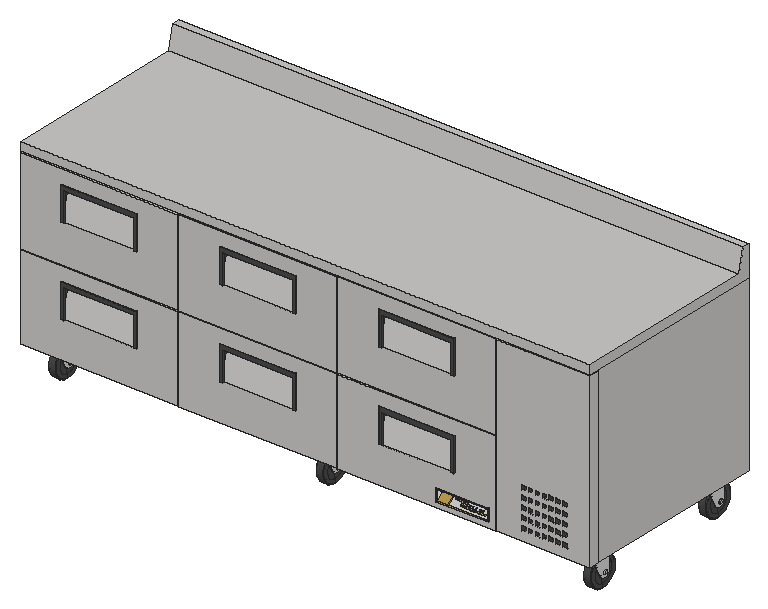
Revit family
Parameters
  Weight = "610 lbs."
  Watts = FL Amps * Volts  # 1115.5 W
  Volts = 115 V
  URL Manufacturer = "www.truemfg.com"
  URL Cutsheet = "www.truemfg.com"
  URL = "www.truemfg.com"
  Type Mark [instance] = ""
  Status [instance] = ""
  Specification by User [instance] = ""
  Specification by Manufacturer = ""
  Show Seismic Flanged [instance] = no
  Show Logo [instance] = yes
  Show Legs [instance] = no
  Show Clearance [instance] = yes
  Show Casters [instance] = and(not(Show Legs), not(Show Seismic Flanged))  # yes
  Serial Number = ""
  Seismic Rating = ""
  Seismic Plate [instance] = and(Show Seismic Flanged, not(Show Casters))  # no
  SMACNA No = ""
  Revision Code [instance] = ""
  Phase = 1
  Omniclass Number and Title = ""
  Number of Poles [instance] = 1
  NAFEM Spec ID Number = ""
  Model = "TWT-93D-6"
  Min Ckt Ampacity = 0 A
  Max Overcurrent Protection = 0 A
  MasterSpec. = ""
  Manufacturer = "TRUE FOOD SERVICE EQUIPMENT, INC."
  Legs [instance] = or(Show Legs, Show Seismic Flanged)  # no
  Item Number [instance] = ""
  Installed By [instance] = ""
  Identify Quantity as Lot [instance] = yes
  HP = "1/2"
  Furnished By [instance] = ""
  Foodservice Equipment Identifier [instance] = yes
  FL Amps = 9.7 A
  Electrical Remarks [instance] = "230-240/50/1"
  Electric Connection Type [instance] = ""
  Elec Conn RI Height [instance] = 0"
  Elec Conn Connection Height [instance] = 0"
  Description = "Deep Worktop Drawered Refrigerator"
  Cycle = 60 Hz
  Conn Plug NEMA = "NEMA 5-15P"
  Conn Conduit = yes
  CSI MasterFormat = ""
  CSI Master Format = ""
  Body Finish = QF_Finishes_Stainless Steel
  Base Height [instance] = if(Legs, 6", 6 3/16")  # 6 3/16"
  Apparent Power = if(Phase = 3, Volts * FL Amps * 1.73, Volts * FL Amps)  # 1115.5 VA
Reference planes (in)
  plane 1 "BACK": y = -16.5
  plane 2: z = 0
  plane 3 "LEFT": x = 0
  plane 4 "RIGHT": x = 93.25
  plane 5 "FRONT": y = -49.875
  plane 6 "TOP": z = 35.9375
  plane 7: z = 6.1875
Forms (in)
  Revolve 1, solid, material "QF_Finishes_Stainless Steel" <- "Body Finish", visible <- "Legs"
    sketch origin (0.84375, -20.82507, 0) x (1, 0, 0) y (0, 0, -1)
      loop
        line (2, -6.1875) -> (2, -0.1875) -> (1.5, -0.1875) -> (1.5, -1.1875) -> (1.25, -1.1875) -> (0.53856, -6.1875) -> (2, -6.1875)
      axis (2, -0.1875) -> (2, -6.1875)
    angle from 0 to 360
  Extrusion 2, solid, material "QF_Finishes_Stainless Steel" <- "Body Finish", visible <- "Seismic Plate"
    sketch origin (-0.22541, -19.13091, 0) x (1, 0, 0) y (0, 1, 0)
      loop
        circle (3.06916, -1.69416) r 1.5
    from 0 to 0.25
  Revolve 3, solid, material "QF_Finishes_Stainless Steel" <- "Body Finish", visible <- "Legs"
    sketch origin (0.84375, -44.40673, 0) x (1, 0, 0) y (0, 0, -1)
      loop
        line (2, -6.1875) -> (2, -0.1875) -> (1.5, -0.1875) -> (1.5, -1.1875) -> (1.25, -1.1875) -> (0.53856, -6.1875) -> (2, -6.1875)
      axis (2, -0.1875) -> (2, -6.1875)
    angle from 0 to 360
  Extrusion 4, solid, material "QF_Finishes_Stainless Steel" <- "Body Finish", visible <- "Seismic Plate"
    sketch origin (-0.22541, -44.40008, 0) x (1, 0, 0) y (0, 1, 0)
      loop
        circle (3.06916, -0.00665) r 1.5
    from 0 to 0.25
  Revolve 5, solid, material "QF_Finishes_Stainless Steel" <- "Body Finish", visible <- "Legs"
    sketch origin (88.40625, -20.82507, 0) x (1, 0, 0) y (0, 0, -1)
      loop
        line (2, -6.1875) -> (2, -0.1875) -> (1.5, -0.1875) -> (1.5, -1.1875) -> (1.25, -1.1875) -> (0.53856, -6.1875) -> (2, -6.1875)
      axis (2, -0.1875) -> (2, -6.1875)
    angle from 0 to 360
  Extrusion 6, solid, material "QF_Finishes_Stainless Steel" <- "Body Finish", visible <- "Seismic Plate"
    sketch origin (87.33709, -19.13091, 0) x (1, 0, 0) y (0, 1, 0)
      loop
        circle (3.06916, -1.69416) r 1.5
    from 0 to 0.25
  Revolve 7, solid, material "QF_Finishes_Stainless Steel" <- "Body Finish", visible <- "Legs"
    sketch origin (88.40625, -44.40673, 0) x (1, 0, 0) y (0, 0, -1)
      loop
        line (2, -6.1875) -> (2, -0.1875) -> (1.5, -0.1875) -> (1.5, -1.1875) -> (1.25, -1.1875) -> (0.53856, -6.1875) -> (2, -6.1875)
      axis (2, -0.1875) -> (2, -6.1875)
    angle from 0 to 360
  Extrusion 8, solid, material "QF_Finishes_Stainless Steel" <- "Body Finish", visible <- "Seismic Plate"
    sketch origin (87.33709, -44.40008, 0) x (1, 0, 0) y (0, 1, 0)
      loop
        circle (3.06916, -0.00665) r 1.5
    from 0 to 0.25
  Revolve 9, solid, material "QF_Finishes_Stainless Steel" <- "Body Finish", visible <- "Legs"
    sketch origin (44.625, -20.82507, 0) x (1, 0, 0) y (0, 0, -1)
      loop
        line (2, -6.1875) -> (2, -0.1875) -> (1.5, -0.1875) -> (1.5, -1.1875) -> (1.25, -1.1875) -> (0.53856, -6.1875) -> (2, -6.1875)
      axis (2, -0.1875) -> (2, -6.1875)
    angle from 0 to 360
  Extrusion 10, solid, material "QF_Finishes_Stainless Steel" <- "Body Finish", visible <- "Seismic Plate"
    sketch origin (43.55584, -19.13091, 0) x (1, 0, 0) y (0, 1, 0)
      loop
        circle (3.06916, -1.69416) r 1.5
    from 0 to 0.25
  Revolve 11, solid, material "QF_Finishes_Stainless Steel" <- "Body Finish", visible <- "Legs"
    sketch origin (44.625, -44.40673, 0) x (1, 0, 0) y (0, 0, -1)
      loop
        line (2, -6.1875) -> (2, -0.1875) -> (1.5, -0.1875) -> (1.5, -1.1875) -> (1.25, -1.1875) -> (0.53856, -6.1875) -> (2, -6.1875)
      axis (2, -0.1875) -> (2, -6.1875)
    angle from 0 to 360
  Extrusion 12, solid, material "QF_Finishes_Stainless Steel" <- "Body Finish", visible <- "Seismic Plate"
    sketch origin (43.55584, -44.40008, 0) x (1, 0, 0) y (0, 1, 0)
      loop
        circle (3.06916, -0.00665) r 1.5
    from 0 to 0.25
Lines and regions (in)
  symbolic lines, style "SpecialityEquipmentHiddenLines", visible <- "Show Casters"
    curve 1: line (1.05276, -22.68104, 0) -> (2.13882, -23.30808, 0)
    curve 2: line (3.55276, -18.35092, 0) -> (1.05276, -22.68104, 0)
    curve 3: line (4.63882, -18.97795, 0) -> (3.55276, -18.35092, 0)
    curve 4: line (2.13882, -23.30808, 0) -> (4.63882, -18.97795, 0)
    curve 5: line (44.83401, -22.68104, 0) -> (45.92007, -23.30808, 0)
    curve 6: line (47.33401, -18.35092, 0) -> (44.83401, -22.68104, 0)
    curve 7: line (48.42007, -18.97795, 0) -> (47.33401, -18.35092, 0)
    curve 8: line (45.92007, -23.30808, 0) -> (48.42007, -18.97795, 0)
    curve 9: line (88.61526, -22.68104, 0) -> (89.70132, -23.30808, 0)
    curve 10: line (91.11526, -18.35092, 0) -> (88.61526, -22.68104, 0)
    curve 11: line (92.20132, -18.97795, 0) -> (91.11526, -18.35092, 0)
    curve 12: line (89.70132, -23.30808, 0) -> (92.20132, -18.97795, 0)
    curve 13: line (1.05276, -46.26271, 0) -> (2.13882, -46.88975, 0)
    curve 14: line (3.55276, -41.93258, 0) -> (1.05276, -46.26271, 0)
    curve 15: line (4.63882, -42.55962, 0) -> (3.55276, -41.93258, 0)
    curve 16: line (2.13882, -46.88975, 0) -> (4.63882, -42.55962, 0)
    curve 17: line (44.83401, -46.26271, 0) -> (45.92007, -46.88975, 0)
    curve 18: line (47.33401, -41.93258, 0) -> (44.83401, -46.26271, 0)
    curve 19: line (48.42007, -42.55962, 0) -> (47.33401, -41.93258, 0)
    curve 20: line (45.92007, -46.88975, 0) -> (48.42007, -42.55962, 0)
    curve 21: line (88.61526, -46.26271, 0) -> (89.70132, -46.88975, 0)
    curve 22: line (91.11526, -41.93258, 0) -> (88.61526, -46.26271, 0)
    curve 23: line (92.20132, -42.55962, 0) -> (91.11526, -41.93258, 0)
    curve 24: line (89.70132, -46.88975, 0) -> (92.20132, -42.55962, 0)
Dimensions and locks (in)
  plane 5 "FRONT" to plane 1 "BACK" = 33 3/8"  (x2)
  "Base Height": plane 7 to level
  Revolve 3 sketch curve to Revolve 3 sketch curve to Revolve 3 sketch curve = 5" locked, 1" locked
  Revolve 1 sketch curve to Revolve 1 sketch curve to Revolve 1 sketch curve = 5" locked, 1" locked
  Revolve 7 sketch curve to Revolve 7 sketch curve to Revolve 7 sketch curve = 5" locked, 1" locked
  Revolve 5 sketch curve to Revolve 5 sketch curve to Revolve 5 sketch curve = 5" locked, 1" locked
  Revolve 11 sketch curve to Revolve 11 sketch curve to Revolve 11 sketch curve = 5" locked, 1" locked
  Revolve 9 sketch curve to Revolve 9 sketch curve to Revolve 9 sketch curve = 5" locked, 1" locked
  aligned and locked: level to plane 2
  aligned and locked: Revolve 3 sketch curve to plane 7
  aligned and locked: Revolve 1 sketch curve to plane 7
  aligned and locked: plane 1 "BACK" to nested 1
  aligned and locked: plane 3 "LEFT" to nested 1
  aligned and locked: plane 4 "RIGHT" to nested 1
  aligned and locked: nested 1 to plane 7
Automatic sketch dimensions
  plane 3 "LEFT" to Revolve 1 sketch curve = 1.38231"
  plane 3 "LEFT" to Revolve 1 sketch curve = 2 3/32"
  Revolve 1 sketch curve to Revolve 1 sketch curve = 1/4"
  Revolve 1 sketch curve to Revolve 1 sketch curve = 1/2"
  Revolve 1 sketch curve to Revolve 1 sketch curve = 0"
  Revolve 1 sketch curve to Revolve 1 sketch curve = 23/32"
  Revolve 1 sketch curve to plane 7 = 1 1/2"
  plane 3 "LEFT" to Extrusion 2 sketch curve = 2 27/32"
  plane 1 "BACK" to Extrusion 2 sketch curve = 4.32507"
  plane 3 "LEFT" to Revolve 3 sketch curve = 1.38231"
  plane 3 "LEFT" to Revolve 3 sketch curve = 2 3/32"
  Revolve 3 sketch curve to Revolve 3 sketch curve = 1/4"
  Revolve 3 sketch curve to Revolve 3 sketch curve = 1/2"
  Revolve 3 sketch curve to Revolve 3 sketch curve = 0"
  Revolve 3 sketch curve to Revolve 3 sketch curve = 23/32"
  Revolve 3 sketch curve to plane 7 = 1 1/2"
  plane 3 "LEFT" to Extrusion 4 sketch curve = 2 27/32"
  Extrusion 4 sketch curve to plane 5 "FRONT" = 5.46827"
  Revolve 5 sketch curve to plane 7 = 0"
  Revolve 5 sketch curve to plane 4 "RIGHT" = 4.30519"
  Revolve 5 sketch curve to plane 4 "RIGHT" = 3 19/32"
  Revolve 5 sketch curve to Revolve 5 sketch curve = 1/4"
  Revolve 5 sketch curve to Revolve 5 sketch curve = 1/2"
  Revolve 5 sketch curve to Revolve 5 sketch curve = 0"
  Revolve 5 sketch curve to Revolve 5 sketch curve = 23/32"
  Revolve 5 sketch curve to plane 7 = 1 1/2"
  Extrusion 6 sketch curve to plane 4 "RIGHT" = 2 27/32"
  plane 1 "BACK" to Extrusion 6 sketch curve = 4.32507"
  Revolve 7 sketch curve to plane 7 = 0"
  Revolve 7 sketch curve to plane 4 "RIGHT" = 4.30519"
  Revolve 7 sketch curve to plane 4 "RIGHT" = 3 19/32"
  Revolve 7 sketch curve to Revolve 7 sketch curve = 1/4"
  Revolve 7 sketch curve to Revolve 7 sketch curve = 1/2"
  Revolve 7 sketch curve to Revolve 7 sketch curve = 0"
  Revolve 7 sketch curve to Revolve 7 sketch curve = 23/32"
  Revolve 7 sketch curve to plane 7 = 1 1/2"
  Extrusion 8 sketch curve to plane 4 "RIGHT" = 2 27/32"
  Extrusion 8 sketch curve to plane 5 "FRONT" = 5.46827"
  Revolve 9 sketch curve to plane 7 = 0"
  plane 3 "LEFT" to Revolve 9 sketch curve = 45.16356"
  Revolve 9 sketch curve to Revolve 9 sketch curve = 0.71144"
  Revolve 9 sketch curve to Revolve 9 sketch curve = 1/4"
  Revolve 9 sketch curve to Revolve 9 sketch curve = 1/2"
  Revolve 9 sketch curve to Revolve 9 sketch curve = 0"
  Revolve 9 sketch curve to Revolve 9 sketch curve = 23/32"
  Revolve 9 sketch curve to plane 7 = 1 1/2"
  plane 1 "BACK" to Extrusion 10 sketch curve = 4.32507"
  plane 3 "LEFT" to Extrusion 10 sketch curve = 46 5/8"
  Revolve 11 sketch curve to plane 7 = 0"
  plane 3 "LEFT" to Revolve 11 sketch curve = 45.16356"
  Revolve 11 sketch curve to Revolve 11 sketch curve = 0.71144"
  Revolve 11 sketch curve to Revolve 11 sketch curve = 1/4"
  Revolve 11 sketch curve to Revolve 11 sketch curve = 1/2"
  Revolve 11 sketch curve to Revolve 11 sketch curve = 0"
  Revolve 11 sketch curve to Revolve 11 sketch curve = 23/32"
  Revolve 11 sketch curve to plane 7 = 1 1/2"
  Extrusion 12 sketch curve to plane 5 "FRONT" = 5.46827"
  plane 3 "LEFT" to Extrusion 12 sketch curve = 46 5/8"
  plane 3 "LEFT" to curve 1 = 1.05276"
  plane 3 "LEFT" to curve 14 = 1.05276"
  curve 1 to curve 4 = 1.08606"
  curve 13 to curve 13 = 1.08606"
  plane 3 "LEFT" to curve 14 = 3.55276"
  plane 3 "LEFT" to curve 2 = 3.55276"
  plane 1 "BACK" to curve 5 = 6.18104"
  curve 17 to plane 5 "FRONT" = 3.61229"
  curve 17 to plane 5 "FRONT" = 2.98525"
  curve 17 to curve 17 = 1.08606"
  plane 1 "BACK" to curve 8 = 6.80808"
  curve 5 to curve 8 = 1.08606"
  curve 18 to plane 5 "FRONT" = 7.94242"
  plane 1 "BACK" to curve 7 = 1.85092"
  curve 9 to plane 4 "RIGHT" = 4.63474"
  curve 22 to plane 4 "RIGHT" = 4.63474"
  curve 21 to curve 21 = 1.08606"
  curve 9 to curve 9 = 1.08606"
  curve 23 to plane 4 "RIGHT" = 2.13474"
  curve 10 to plane 4 "RIGHT" = 2.13474"
  curve 13 to plane 5 "FRONT" = 2.98525"
  curve 24 to plane 5 "FRONT" = 2.98525"
  curve 21 to curve 21 = 0.62704"
  curve 13 to curve 13 = 0.62704"
  plane 1 "BACK" to curve 4 = 6.80808"
  plane 1 "BACK" to curve 12 = 6.80808"
  curve 9 to curve 9 = 0.62704"
  curve 1 to curve 2 = 0.62704"
  curve 15 to curve 17 = 40.19519"
  curve 5 to curve 18 = 2 1/2"
  radius of Extrusion 2 sketch curve = 1 1/2"
  radius of Extrusion 4 sketch curve = 1 1/2"
  radius of Extrusion 6 sketch curve = 1 1/2"
  radius of Extrusion 8 sketch curve = 1 1/2"
  radius of Extrusion 10 sketch curve = 1 1/2"
  radius of Extrusion 12 sketch curve = 1 1/2"
Nested families (in)
  nested 1: "True_TWT-93D-6" at (0, 0, 0), Show Logo <- "Show Logo", Show Clearance <- "Show Clearance", Show Casters <- "Show Casters", type "True_TWT-93D-6"
    with Show Logo yes, Show Clearance yes, Show Casters yes
Connectors (in)
  electrical at (89.81571, -17.5625, 12), driven by "Volts", driven by "Watts"
    settings: on nested 1, index 1, voltage 115 V, apparent load 1115.5 VA, apparent load phase1 0 VA, apparent load phase2 0 VA, apparent load phase3 0 VA, power factor 1, load classification "Other", number of poles 1, system type 30, power factor state 1, is connector primary yes, connector utility no, sub classification motor no, connector description "Electrical Connection"
Definition of nested family "True_TWT-93D-6"
  Parameters (values of type "True_TWT-93D-6")
    URL = ""
    Show Logo [instance] = yes
    Show Clearance [instance] = yes
    Show Casters [instance] = yes
    Model = ""
    Manufacturer = ""
    Description = ""
    Assembly Code = ""
  Reference planes (in)
    plane 1 "BACK": y = -16.5
    plane 2: z = 0
    plane 3 "LEFT": x = 0
    plane 4 "RIGHT": x = 93.25
    plane 5 "FRONT": y = -49.875
    plane 6 "TOP": z = 35.9375
  Forms (in)
    Extrusion 1, solid, material "QF_Finishes_Stainless Steel"
      sketch origin (0, -1, 0) x (0, 1, 0) y (0, 0, 1)
        loop
          line (-47, 34.5) -> (-47, 6.1875) -> (-16.5, 6.1875) -> (-16.5, 34.5) -> (-47, 34.5)
      from 0 to 93.25
    Extrusion 2, solid, material "QF_Finishes_Black"
      sketch origin (0, -16.88, 0) x (1, 0, 0) y (0, 0, 1)
        loop
          line (25.75, 6.1875) -> (25.75, 20.01563) -> (0, 20.01563) -> (0, 6.1875) -> (25.75, 6.1875)
        loop
          line (25.75, 34.28323) -> (0, 34.28323) -> (0, 20.23438) -> (25.75, 20.23438) -> (25.75, 34.28323)
        loop
          line (6.75, 26.5625) -> (19.125, 26.5625) -> (19.125, 32.0625) -> (6.75, 32.0625) -> (6.75, 26.5625)
        loop
          line (93.25, 6.1875) -> (93.25, 34.28323) -> (77.9375, 34.28323) -> (77.9375, 6.1875) -> (93.25, 6.1875)
        loop
          line (85.44909, 13.72725) -> (86.19909, 13.72725) -> (86.19909, 14.47725) -> (85.44909, 14.47725) -> (85.44909, 13.72725)
        loop
          line (85.44909, 12.22725) -> (86.19909, 12.22725) -> (86.19909, 12.97725) -> (85.44909, 12.97725) -> (85.44909, 12.22725)
        loop
          line (85.44909, 10.72725) -> (86.19909, 10.72725) -> (86.19909, 11.47725) -> (85.44909, 11.47725) -> (85.44909, 10.72725)
        loop
          line (85.44909, 9.22725) -> (86.19909, 9.22725) -> (86.19909, 9.97725) -> (85.44909, 9.97725) -> (85.44909, 9.22725)
        loop
          line (85.44909, 7.72725) -> (86.19909, 7.72725) -> (86.19909, 8.47725) -> (85.44909, 8.47725) -> (85.44909, 7.72725)
        loop
          line (86.57409, 13.72725) -> (87.32409, 13.72725) -> (87.32409, 14.47725) -> (86.57409, 14.47725) -> (86.57409, 13.72725)
        loop
          line (86.57409, 12.22725) -> (87.32409, 12.22725) -> (87.32409, 12.97725) -> (86.57409, 12.97725) -> (86.57409, 12.22725)
        loop
          line (86.57409, 10.72725) -> (87.32409, 10.72725) -> (87.32409, 11.47725) -> (86.57409, 11.47725) -> (86.57409, 10.72725)
        loop
          line (86.57409, 9.22725) -> (87.32409, 9.22725) -> (87.32409, 9.97725) -> (86.57409, 9.97725) -> (86.57409, 9.22725)
        loop
          line (86.57409, 7.72725) -> (87.32409, 7.72725) -> (87.32409, 8.47725) -> (86.57409, 8.47725) -> (86.57409, 7.72725)
        loop
          line (87.69909, 13.72725) -> (88.44909, 13.72725) -> (88.44909, 14.47725) -> (87.69909, 14.47725) -> (87.69909, 13.72725)
        loop
          line (87.69909, 12.22725) -> (88.44909, 12.22725) -> (88.44909, 12.97725) -> (87.69909, 12.97725) -> (87.69909, 12.22725)
        loop
          line (87.69909, 10.72725) -> (88.44909, 10.72725) -> (88.44909, 11.47725) -> (87.69909, 11.47725) -> (87.69909, 10.72725)
        loop
          line (87.69909, 9.22725) -> (88.44909, 9.22725) -> (88.44909, 9.97725) -> (87.69909, 9.97725) -> (87.69909, 9.22725)
        loop
          line (87.69909, 7.72725) -> (88.44909, 7.72725) -> (88.44909, 8.47725) -> (87.69909, 8.47725) -> (87.69909, 7.72725)
        loop
          line (88.82409, 13.72725) -> (89.57409, 13.72725) -> (89.57409, 14.47725) -> (88.82409, 14.47725) -> (88.82409, 13.72725)
        loop
          line (88.82409, 12.22725) -> (89.57409, 12.22725) -> (89.57409, 12.97725) -> (88.82409, 12.97725) -> (88.82409, 12.22725)
        loop
          line (88.82409, 10.72725) -> (89.57409, 10.72725) -> (89.57409, 11.47725) -> (88.82409, 11.47725) -> (88.82409, 10.72725)
        loop
          line (88.82409, 9.22725) -> (89.57409, 9.22725) -> (89.57409, 9.97725) -> (88.82409, 9.97725) -> (88.82409, 9.22725)
        loop
          line (88.82409, 7.72725) -> (89.57409, 7.72725) -> (89.57409, 8.47725) -> (88.82409, 8.47725) -> (88.82409, 7.72725)
        loop
          line (82.07409, 13.72725) -> (82.82409, 13.72725) -> (82.82409, 14.47725) -> (82.07409, 14.47725) -> (82.07409, 13.72725)
        loop
          line (82.07409, 12.22725) -> (82.82409, 12.22725) -> (82.82409, 12.97725) -> (82.07409, 12.97725) -> (82.07409, 12.22725)
        loop
          line (82.07409, 10.72725) -> (82.82409, 10.72725) -> (82.82409, 11.47725) -> (82.07409, 11.47725) -> (82.07409, 10.72725)
        loop
          line (82.07409, 9.22725) -> (82.82409, 9.22725) -> (82.82409, 9.97725) -> (82.07409, 9.97725) -> (82.07409, 9.22725)
        loop
          line (82.07409, 8.47725) -> (82.07409, 7.72725) -> (82.82409, 7.72725) -> (82.82409, 8.47725) -> (82.07409, 8.47725)
        loop
          line (83.19909, 13.72725) -> (83.94909, 13.72725) -> (83.94909, 14.47725) -> (83.19909, 14.47725) -> (83.19909, 13.72725)
        loop
          line (83.19909, 12.22725) -> (83.94909, 12.22725) -> (83.94909, 12.97725) -> (83.19909, 12.97725) -> (83.19909, 12.22725)
        loop
          line (83.19909, 10.72725) -> (83.94909, 10.72725) -> (83.94909, 11.47725) -> (83.19909, 11.47725) -> (83.19909, 10.72725)
        loop
          line (83.19909, 9.22725) -> (83.94909, 9.22725) -> (83.94909, 9.97725) -> (83.19909, 9.97725) -> (83.19909, 9.22725)
        loop
          line (83.19909, 8.47725) -> (83.19909, 7.72725) -> (83.94909, 7.72725) -> (83.94909, 8.47725) -> (83.19909, 8.47725)
        loop
          line (84.32409, 13.72725) -> (85.07409, 13.72725) -> (85.07409, 14.47725) -> (84.32409, 14.47725) -> (84.32409, 13.72725)
        loop
          line (84.32409, 12.22725) -> (85.07409, 12.22725) -> (85.07409, 12.97725) -> (84.32409, 12.97725) -> (84.32409, 12.22725)
        loop
          line (84.32409, 10.72725) -> (85.07409, 10.72725) -> (85.07409, 11.47725) -> (84.32409, 11.47725) -> (84.32409, 10.72725)
        loop
          line (84.32409, 9.22725) -> (85.07409, 9.22725) -> (85.07409, 9.97725) -> (84.32409, 9.97725) -> (84.32409, 9.22725)
        loop
          line (84.32409, 8.47725) -> (84.32409, 7.72725) -> (85.07409, 7.72725) -> (85.07409, 8.47725) -> (84.32409, 8.47725)
        loop
          line (51.75, 6.1875) -> (51.75, 20.01563) -> (26, 20.01563) -> (26, 6.1875) -> (51.75, 6.1875)
        loop
          line (51.75, 34.28323) -> (26, 34.28323) -> (26, 20.23438) -> (51.75, 20.23438) -> (51.75, 34.28323)
        loop
          line (32.75, 26.5625) -> (45.125, 26.5625) -> (45.125, 32.0625) -> (32.75, 32.0625) -> (32.75, 26.5625)
        loop
          line (52, 34.28323) -> (52, 20.23438) -> (77.75, 20.23438) -> (77.75, 34.28323) -> (52, 34.28323)
        loop
          line (77.75, 6.1875) -> (77.75, 20.01563) -> (52, 20.01563) -> (52, 6.1875) -> (77.75, 6.1875)
        loop
          line (58.75, 26.5625) -> (71.125, 26.5625) -> (71.125, 32.0625) -> (58.75, 32.0625) -> (58.75, 26.5625)
        loop
          line (6.75, 12.29489) -> (19.125, 12.29489) -> (19.125, 17.79489) -> (6.75, 17.79489) -> (6.75, 12.29489)
        loop
          line (32.75, 12.29489) -> (45.125, 12.29489) -> (45.125, 17.79489) -> (32.75, 17.79489) -> (32.75, 12.29489)
        loop
          line (58.75, 12.29489) -> (71.125, 12.29489) -> (71.125, 17.79489) -> (58.75, 17.79489) -> (58.75, 12.29489)
      from 31.44201 to 33
    Extrusion 3, solid, material "QF_Finishes_Black"
      sketch origin (1.125, -0.63, 0) x (0, 1, 0) y (0, 0, 1)
        loop
          line (-47.69201, 33.8406) -> (-47.69201, 20.73438) -> (-47.37, 20.73438) -> (-47.37, 33.8406) -> (-47.69201, 33.8406)
      from -0.625 to 24.125
    Extrusion 4, solid, material "QF_Finishes_Stainless Steel"
      sketch origin (0.5625, -0.38, 0) x (0, 1, 0) y (0, 0, 1)
        loop
          line (-47.94201, 32.0625) -> (-49.5, 26.5625) -> (-47.94201, 26.5625) -> (-47.94201, 32.0625)
      from 6.1875 to 18.5625
    Extrusion 5, solid, material "QF_Finishes_Satin - Goldenrod", visible <- "Show Logo"
      sketch origin (67.20978, -15.11203, -22.37075) x (1, 0, 0) y (0, 0, 1)
        loop
          line (4.18351, 31.09206) -> (4.10478, 30.92323) -> (5.15208, 30.92323)
          arc (5.15208, 30.92323) -> (5.17333, 30.88564) -> (5.15208, 30.84805) r 0.04386
          line (5.15208, 30.84805) -> (4.87892, 30.26228)
          arc (4.87892, 30.26228) -> (4.87656, 30.20802) -> (4.91325, 30.16798) r 0.07096
          line (4.91325, 30.16798) -> (5.5829, 30.16798)
          arc (5.5829, 30.16798) -> (5.66746, 30.19464) -> (5.72144, 30.26498) r 0.14742
          line (5.72144, 30.26498) -> (5.9364, 30.72597) -> (6.1339, 30.72597)
          arc (6.1339, 30.72597) -> (6.18572, 30.70692) -> (6.17822, 30.65222) r 0.04405
          line (6.17822, 30.65222) -> (5.99835, 30.26649)
          arc (5.99835, 30.26649) -> (6.00115, 30.20243) -> (6.05523, 30.16798) r 0.06943
          line (6.05523, 30.16798) -> (6.64365, 30.16798)
          arc (6.64365, 30.16798) -> (6.68873, 30.18439) -> (6.71272, 30.22594) r 0.07014
          arc (6.71272, 30.22594) -> (6.7297, 30.18495) -> (6.77068, 30.16798) r 0.05796
          line (6.77068, 30.16798) -> (7.14325, 30.16798)
          arc (7.14325, 30.16798) -> (7.18629, 30.17951) -> (7.2178, 30.21102) r 0.08608
          arc (7.2178, 30.21102) -> (7.23289, 30.1746) -> (7.26931, 30.15952) r 0.0515
          line (7.26931, 30.15952) -> (7.79882, 30.15952)
          arc (7.79882, 30.15952) -> (7.84211, 30.17745) -> (7.86005, 30.22074) r 0.06122
          arc (7.86005, 30.22074) -> (7.89973, 30.18105) -> (7.95394, 30.16653) r 0.10842
          line (7.95394, 30.16653) -> (8.94586, 30.16653) -> (9.05604, 30.35737) -> (8.05555, 30.35737)
          arc (8.05555, 30.35737) -> (8.02794, 30.37652) -> (8.02691, 30.41011) r 0.03732
          line (8.02691, 30.41011) -> (8.04422, 30.44722)
          arc (8.04422, 30.44722) -> (8.07079, 30.48203) -> (8.11255, 30.49524) r 0.07263
          line (8.11255, 30.49524) -> (8.43414, 30.49524)
          arc (8.43414, 30.49524) -> (8.50355, 30.51383) -> (8.55436, 30.56465) r 0.13882
          line (8.55436, 30.56465) -> (8.6475, 30.72597)
          arc (8.6475, 30.72597) -> (8.6475, 30.81208) -> (8.57293, 30.85513) r 0.08611
          line (8.57293, 30.85513) -> (8.23352, 30.85513)
          arc (8.23352, 30.85513) -> (8.14699, 30.84044) -> (8.08663, 30.77673) r 0.13863
          line (8.08663, 30.77673) -> (7.92534, 30.43083)
          arc (7.92534, 30.43083) -> (7.87774, 30.3688) -> (7.80316, 30.34528) r 0.13002
          line (7.80316, 30.34528) -> (7.45109, 30.34528)
          arc (7.45109, 30.34528) -> (7.40895, 30.39128) -> (7.41167, 30.4536) r 0.08151
          line (7.41167, 30.4536) -> (7.59891, 30.85513) -> (7.47974, 30.85513) -> (7.28137, 30.42972)
          arc (7.28137, 30.42972) -> (7.24283, 30.37949) -> (7.18244, 30.36046) r 0.10527
          line (7.18244, 30.36046) -> (6.93967, 30.36046)
          arc (6.93967, 30.36046) -> (6.89865, 30.41392) -> (6.90744, 30.48073) r 0.08805
          line (6.90744, 30.48073) -> (7.08203, 30.85513) -> (6.95897, 30.85513) -> (6.75801, 30.42418)
          arc (6.75801, 30.42418) -> (6.71136, 30.37753) -> (6.64764, 30.36046) r 0.12745
          line (6.64764, 30.36046) -> (6.29609, 30.36046)
          arc (6.29609, 30.36046) -> (6.23295, 30.3899) -> (6.22688, 30.4593) r 0.06967
          line (6.22688, 30.4593) -> (6.34243, 30.70711) -> (6.50577, 30.70711)
          arc (6.50577, 30.70711) -> (6.53334, 30.79018) -> (6.592, 30.85513) r 0.21289
          line (6.592, 30.85513) -> (5.95369, 30.85513)
          arc (5.95369, 30.85513) -> (5.88276, 30.83941) -> (5.83367, 30.78584) r 0.12081
          line (5.83367, 30.78584) -> (5.66065, 30.4148)
          arc (5.66065, 30.4148) -> (5.62087, 30.37502) -> (5.56653, 30.36046) r 0.10869
          line (5.56653, 30.36046) -> (5.18545, 30.36046)
          arc (5.18545, 30.36046) -> (5.15571, 30.40065) -> (5.16137, 30.45033) r 0.06822
          line (5.16137, 30.45033) -> (5.41281, 30.92323) -> (6.04721, 30.92323) -> (6.12594, 31.09206) -> (5.49154, 31.09206) -> (5.57027, 31.2609) -> (5.34459, 31.2609) -> (5.26586, 31.09206) -> (4.18351, 31.09206)
        loop
          arc (8.19062, 30.70184) -> (8.16316, 30.69448) -> (8.14305, 30.67438) r 0.05494
          line (8.14305, 30.67438) -> (8.12672, 30.62415)
          arc (8.12672, 30.62415) -> (8.13429, 30.60587) -> (8.15258, 30.59829) r 0.02586
          line (8.15258, 30.59829) -> (8.43014, 30.59829)
          arc (8.43014, 30.59829) -> (8.45013, 30.60273) -> (8.46638, 30.6152) r 0.04731
          line (8.46638, 30.6152) -> (8.47988, 30.6777)
          arc (8.47988, 30.6777) -> (8.47591, 30.69443) -> (8.46039, 30.70184) r 0.01994
          line (8.46039, 30.70184) -> (8.19062, 30.70184)
        loop
          line (1.13539, 29.6475) -> (2.84485, 29.6475) -> (3.77016, 31.25018) -> (2.0607, 31.25018) -> (1.13539, 29.6475)
      from 34.76797 to 34.83173
    Extrusion 6, solid, material "QF_Finishes_White", visible <- "Show Logo"
      sketch origin (2.70768, -15.13, -25.21535) x (1, 0, 0) y (0, 0, 1)
        loop
          line (73.84232, 34.15728) -> (65.51732, 34.15728) -> (65.51732, 32.4296) -> (73.84232, 32.4296) -> (73.84232, 34.15728)
      from 34.75 to 34.76797
    Extrusion 7, solid, material "QF_Finishes_Satin - Goldenrod", visible <- "Show Logo"
      sketch origin (2.70768, -15.13, -25.21535) x (1, 0, 0) y (0, 0, 1)
        loop
          line (73.97982, 34.29477) -> (65.37982, 34.29477) -> (65.37982, 32.2921) -> (73.97982, 32.2921) -> (73.97982, 34.29477)
        loop
          line (65.51732, 34.15728) -> (65.51732, 32.4296) -> (73.84232, 32.4296) -> (73.84232, 34.15728) -> (65.51732, 34.15728)
      from 34.75 to 34.80335
    Extrusion 8, solid, material "QF_Finishes_Stainless Steel"
      sketch origin (64.6875, -16.5, 0) x (1, 0, 0) y (0, 0, 1)
        loop
          line (7.5625, 6.1875) -> (7.5625, 3.5625) -> (20.3125, 3.5625) -> (20.3125, 6.1875) -> (7.5625, 6.1875)
      from 1.69409 to 21.69409
    Extrusion 9, solid, material "QF_Finishes_Stainless Steel"
      sketch origin (64.57454, -16.5, -9.83802) x (1, 0, 0) y (0, 0, 1)
        loop
          circle (22.96499, 40.7598) r 0.46875
      from 0 to 1
    Extrusion 10, solid, material "QF_Finishes_Stainless Steel"
      sketch origin (28.67546, -16.5, -9.83802) x (-1, 0, 0) y (0, 0, -1)
        loop
          circle (22.96499, -40.7598) r 0.46875
      from 0 to 1
    Extrusion 11, solid, material "QF_Finishes_Stainless Steel"
      sketch origin (64.52196, -17.5, 0) x (1, 0, 0) y (0, 0, 1)
        loop
          circle (25.29375, 12) r 0.25
      from 0 to 0.0625
    Extrusion 12, solid, material "QF_Finishes_Handrails and Railings", visible <- "Show Casters"
      sketch origin (0.84375, -43.05219, 1.18891) x (0, 1, 0) y (0, 0, 1)
        loop
          line (-3.9827, 4.36074) -> (-3.9827, 3.75589) -> (-3.6077, 3.75589) -> (-2.25253, 1.15484)
          arc (-2.25253, 1.15484) -> (-1.35455, 0.51289) -> (-0.45657, 1.15484) r 0.94903
          line (-0.45657, 1.15484) -> (-0.54355, 4.36074) -> (-3.9827, 4.36074)
      from 1.175 to 1.325
    Revolve 13, solid, material "QF_Finishes_Chrome - Satin", visible <- "Show Casters"
      sketch origin (0.84375, -45.31531, 0.68891) x (1, 0, 0) y (0, 0, 1)
        loop
          line (2, 4.86074) -> (2, 5.49859) -> (0.60918, 5.49859) -> (0.60918, 4.86074) -> (2, 4.86074)
        axis (2, 4.86074) -> (2, 5.49859)
      angle from 0 to 360
    Extrusion 14, solid, material "QF_Finishes_Handrails and Railings", visible <- "Show Casters"
      sketch origin (-46.9375, -43.05219, 1.18891) x (0, 1, 0) y (0, 0, 1)
        loop
          line (-3.9827, 4.36074) -> (-3.9827, 3.75589) -> (-3.6077, 3.75589) -> (-0.53736, 4.13288) -> (-0.54355, 4.36074) -> (-3.9827, 4.36074)
      from 49.10625 to 50.45625
    Revolve 15, solid, material "QF_Finishes_Black", visible <- "Show Casters"
      sketch origin (0.84375, -44.40399, 1) x (1, 0, 0) y (0, 0, 1)
        loop
          line (1.475, 4) -> (1.375, 3.9) -> (1.375, 3.29941) -> (1.53601, 3.29941) -> (1.53601, 2.04941) -> (1.375, 2.04941) -> (1.375, 1.79941) -> (0.975, 1.79941) -> (0.975, 1.5) -> (3.025, 1.5) -> (3.025, 1.79941) -> (2.62908, 1.79941) -> (2.62908, 2.04941) -> (2.46399, 2.04941) -> (2.46399, 3.29941) -> (2.62908, 3.29941) -> (2.62908, 3.89592) -> (2.525, 4) -> (1.475, 4)
        axis (3.025, 1.5) -> (0.975, 1.5)
      angle from 0 to 360
    Extrusion 16, solid, material "QF_Finishes_Handrails and Railings", visible <- "Show Casters"
      sketch origin (4.84375, -43.05219, 1.18891) x (0, 1, 0) y (0, 0, -1)
        loop
          line (-3.9827, -3.75589) -> (-3.9827, -4.36074) -> (-0.54355, -4.36074) -> (-0.45657, -1.15484)
          arc (-0.45657, -1.15484) -> (-1.35455, -0.51289) -> (-2.25253, -1.15484) r 0.94903
          line (-2.25253, -1.15484) -> (-3.6077, -3.75589) -> (-3.9827, -3.75589)
      from 1.175 to 1.325
    Extrusion 17, solid, material "QF_Finishes_Handrails and Railings", visible <- "Show Casters"
      sketch origin (0.84375, -19.47769, 1.18891) x (0, 1, 0) y (0, 0, 1)
        loop
          line (-3.9827, 4.36074) -> (-3.9827, 3.75589) -> (-3.6077, 3.75589) -> (-2.25253, 1.15484)
          arc (-2.25253, 1.15484) -> (-1.35455, 0.51289) -> (-0.45657, 1.15484) r 0.94903
          line (-0.45657, 1.15484) -> (-0.54355, 4.36074) -> (-3.9827, 4.36074)
      from 1.175 to 1.325
    Revolve 18, solid, material "QF_Finishes_Chrome - Satin", visible <- "Show Casters"
      sketch origin (0.84375, -21.74082, 0.68891) x (1, 0, 0) y (0, 0, 1)
        loop
          line (2, 4.86074) -> (2, 5.49859) -> (0.60918, 5.49859) -> (0.60918, 4.86074) -> (2, 4.86074)
        axis (2, 4.86074) -> (2, 5.49859)
      angle from 0 to 360
    Extrusion 19, solid, material "QF_Finishes_Handrails and Railings", visible <- "Show Casters"
      sketch origin (-46.9375, -19.47769, 1.18891) x (0, 1, 0) y (0, 0, 1)
        loop
          line (-3.9827, 4.36074) -> (-3.9827, 3.75589) -> (-3.6077, 3.75589) -> (-0.53736, 4.13288) -> (-0.54355, 4.36074) -> (-3.9827, 4.36074)
      from 49.10625 to 50.45625
    Revolve 20, solid, material "QF_Finishes_Black", visible <- "Show Casters"
      sketch origin (0.84375, -20.8295, 1) x (1, 0, 0) y (0, 0, 1)
        loop
          line (1.475, 4) -> (1.375, 3.9) -> (1.375, 3.29941) -> (1.53601, 3.29941) -> (1.53601, 2.04941) -> (1.375, 2.04941) -> (1.375, 1.79941) -> (0.975, 1.79941) -> (0.975, 1.5) -> (3.025, 1.5) -> (3.025, 1.79941) -> (2.62908, 1.79941) -> (2.62908, 2.04941) -> (2.46399, 2.04941) -> (2.46399, 3.29941) -> (2.62908, 3.29941) -> (2.62908, 3.89592) -> (2.525, 4) -> (1.475, 4)
        axis (3.025, 1.5) -> (0.975, 1.5)
      angle from 0 to 360
    Extrusion 21, solid, material "QF_Finishes_Handrails and Railings", visible <- "Show Casters"
      sketch origin (4.84375, -19.47769, 1.18891) x (0, 1, 0) y (0, 0, -1)
        loop
          line (-3.9827, -3.75589) -> (-3.9827, -4.36074) -> (-0.54355, -4.36074) -> (-0.45657, -1.15484)
          arc (-0.45657, -1.15484) -> (-1.35455, -0.51289) -> (-2.25253, -1.15484) r 0.94903
          line (-2.25253, -1.15484) -> (-3.6077, -3.75589) -> (-3.9827, -3.75589)
      from 1.175 to 1.325
    Extrusion 22, solid, material "QF_Finishes_Handrails and Railings", visible <- "Show Casters"
      sketch origin (92.40625, -43.05219, 1.18891) x (0, 1, 0) y (0, 0, -1)
        loop
          line (-3.9827, -4.36074) -> (-0.54355, -4.36074) -> (-0.45657, -1.15484)
          arc (-0.45657, -1.15484) -> (-1.35455, -0.51289) -> (-2.25253, -1.15484) r 0.94903
          line (-2.25253, -1.15484) -> (-3.6077, -3.75589) -> (-3.9827, -3.75589) -> (-3.9827, -4.36074)
      from 1.175 to 1.325
    Revolve 23, solid, material "QF_Finishes_Chrome - Satin", visible <- "Show Casters"
      sketch origin (92.40625, -45.31531, 0.68891) x (-1, 0, 0) y (0, 0, -1)
        loop
          line (2, -4.86074) -> (0.60918, -4.86074) -> (0.60918, -5.49859) -> (2, -5.49859) -> (2, -4.86074)
        axis (2, -4.86074) -> (2, -5.49859)
      angle from 0 to 360
    Extrusion 24, solid, material "QF_Finishes_Handrails and Railings", visible <- "Show Casters"
      sketch origin (140.1875, -43.05219, 1.18891) x (0, 1, 0) y (0, 0, -1)
        loop
          line (-3.9827, -4.36074) -> (-0.54355, -4.36074) -> (-0.53736, -4.13288) -> (-3.6077, -3.75589) -> (-3.9827, -3.75589) -> (-3.9827, -4.36074)
      from 49.10625 to 50.45625
    Revolve 25, solid, material "QF_Finishes_Black", visible <- "Show Casters"
      sketch origin (92.40625, -44.40399, 1) x (-1, 0, 0) y (0, 0, -1)
        loop
          line (1.475, -4) -> (2.525, -4) -> (2.62908, -3.89592) -> (2.62908, -3.29941) -> (2.46399, -3.29941) -> (2.46399, -2.04941) -> (2.62908, -2.04941) -> (2.62908, -1.79941) -> (3.025, -1.79941) -> (3.025, -1.5) -> (0.975, -1.5) -> (0.975, -1.79941) -> (1.375, -1.79941) -> (1.375, -2.04941) -> (1.53601, -2.04941) -> (1.53601, -3.29941) -> (1.375, -3.29941) -> (1.375, -3.9) -> (1.475, -4)
        axis (3.025, -1.5) -> (0.975, -1.5)
      angle from 0 to 360
    Extrusion 26, solid, material "QF_Finishes_Handrails and Railings", visible <- "Show Casters"
      sketch origin (88.40625, -43.05219, 1.18891) x (0, 1, 0) y (0, 0, 1)
        loop
          line (-3.9827, 3.75589) -> (-3.6077, 3.75589) -> (-2.25253, 1.15484)
          arc (-2.25253, 1.15484) -> (-1.35455, 0.51289) -> (-0.45657, 1.15484) r 0.94903
          line (-0.45657, 1.15484) -> (-0.54355, 4.36074) -> (-3.9827, 4.36074) -> (-3.9827, 3.75589)
      from 1.175 to 1.325
    Extrusion 27, solid, material "QF_Finishes_Handrails and Railings", visible <- "Show Casters"
      sketch origin (92.40625, -19.47769, 1.18891) x (0, 1, 0) y (0, 0, -1)
        loop
          line (-3.9827, -4.36074) -> (-0.54355, -4.36074) -> (-0.45657, -1.15484)
          arc (-0.45657, -1.15484) -> (-1.35455, -0.51289) -> (-2.25253, -1.15484) r 0.94903
          line (-2.25253, -1.15484) -> (-3.6077, -3.75589) -> (-3.9827, -3.75589) -> (-3.9827, -4.36074)
      from 1.175 to 1.325
    Revolve 28, solid, material "QF_Finishes_Chrome - Satin", visible <- "Show Casters"
      sketch origin (92.40625, -21.74082, 0.68891) x (-1, 0, 0) y (0, 0, -1)
        loop
          line (2, -4.86074) -> (0.60918, -4.86074) -> (0.60918, -5.49859) -> (2, -5.49859) -> (2, -4.86074)
        axis (2, -4.86074) -> (2, -5.49859)
      angle from 0 to 360
    Extrusion 29, solid, material "QF_Finishes_Handrails and Railings", visible <- "Show Casters"
      sketch origin (140.1875, -19.47769, 1.18891) x (0, 1, 0) y (0, 0, -1)
        loop
          line (-3.9827, -4.36074) -> (-0.54355, -4.36074) -> (-0.53736, -4.13288) -> (-3.6077, -3.75589) -> (-3.9827, -3.75589) -> (-3.9827, -4.36074)
      from 49.10625 to 50.45625
    Revolve 30, solid, material "QF_Finishes_Black", visible <- "Show Casters"
      sketch origin (92.40625, -20.8295, 1) x (-1, 0, 0) y (0, 0, -1)
        loop
          line (1.475, -4) -> (2.525, -4) -> (2.62908, -3.89592) -> (2.62908, -3.29941) -> (2.46399, -3.29941) -> (2.46399, -2.04941) -> (2.62908, -2.04941) -> (2.62908, -1.79941) -> (3.025, -1.79941) -> (3.025, -1.5) -> (0.975, -1.5) -> (0.975, -1.79941) -> (1.375, -1.79941) -> (1.375, -2.04941) -> (1.53601, -2.04941) -> (1.53601, -3.29941) -> (1.375, -3.29941) -> (1.375, -3.9) -> (1.475, -4)
        axis (3.025, -1.5) -> (0.975, -1.5)
      angle from 0 to 360
    Extrusion 31, solid, material "QF_Finishes_Handrails and Railings", visible <- "Show Casters"
      sketch origin (88.40625, -19.47769, 1.18891) x (0, 1, 0) y (0, 0, 1)
        loop
          line (-3.9827, 3.75589) -> (-3.6077, 3.75589) -> (-2.25253, 1.15484)
          arc (-2.25253, 1.15484) -> (-1.35455, 0.51289) -> (-0.45657, 1.15484) r 0.94903
          line (-0.45657, 1.15484) -> (-0.54355, 4.36074) -> (-3.9827, 4.36074) -> (-3.9827, 3.75589)
      from 1.175 to 1.325
    Extrusion 32, solid, material "QF_Finishes_Stainless Steel"
      sketch origin (26.5625, -0.38, 0) x (0, 1, 0) y (0, 0, 1)
        loop
          line (-47.94201, 32.0625) -> (-49.5, 26.5625) -> (-47.94201, 26.5625) -> (-47.94201, 32.0625)
      from 6.1875 to 18.5625
    Extrusion 33, solid, material "QF_Finishes_Stainless Steel"
      sketch origin (52.5625, -0.38, 0) x (0, 1, 0) y (0, 0, 1)
        loop
          line (-47.94201, 32.0625) -> (-49.5, 26.5625) -> (-47.94201, 26.5625) -> (-47.94201, 32.0625)
      from 6.1875 to 18.5625
    Extrusion 34, solid, material "QF_Finishes_Black"
      sketch origin (52.5625, -49.88, 0) x (1, 0, 0) y (0, 0, 1)
        loop
          line (18.5625, 32.0625) -> (6.1875, 32.0625) -> (6.1875, 26.5625) -> (6.6875, 26.5625) -> (6.6875, 31.3125) -> (18.0625, 31.3125) -> (18.0625, 26.5625) -> (18.5625, 26.5625) -> (18.5625, 32.0625)
        loop
          line (18.5625, 17.79489) -> (6.1875, 17.79489) -> (6.1875, 12.29489) -> (6.6875, 12.29489) -> (6.6875, 17.04489) -> (18.0625, 17.04489) -> (18.0625, 12.29489) -> (18.5625, 12.29489) -> (18.5625, 17.79489)
        loop
          line (-7.4375, 32.0625) -> (-19.8125, 32.0625) -> (-19.8125, 26.5625) -> (-19.3125, 26.5625) -> (-19.3125, 31.3125) -> (-7.9375, 31.3125) -> (-7.9375, 26.5625) -> (-7.4375, 26.5625) -> (-7.4375, 32.0625)
        loop
          line (-7.4375, 17.79489) -> (-19.8125, 17.79489) -> (-19.8125, 12.29489) -> (-19.3125, 12.29489) -> (-19.3125, 17.04489) -> (-7.9375, 17.04489) -> (-7.9375, 12.29489) -> (-7.4375, 12.29489) -> (-7.4375, 17.79489)
        loop
          line (-33.4375, 32.0625) -> (-45.8125, 32.0625) -> (-45.8125, 26.5625) -> (-45.3125, 26.5625) -> (-45.3125, 31.3125) -> (-33.9375, 31.3125) -> (-33.9375, 26.5625) -> (-33.4375, 26.5625) -> (-33.4375, 32.0625)
        loop
          line (-33.4375, 17.79489) -> (-45.8125, 17.79489) -> (-45.8125, 12.29489) -> (-45.3125, 12.29489) -> (-45.3125, 17.04489) -> (-33.9375, 17.04489) -> (-33.9375, 12.29489) -> (-33.4375, 12.29489) -> (-33.4375, 17.79489)
      from 0 to 0.125
    Extrusion 35, solid, material "QF_Finishes_Handrails and Railings", visible <- "Show Casters"
      sketch origin (44.625, -43.05219, 1.18891) x (0, 1, 0) y (0, 0, 1)
        loop
          line (-3.9827, 4.36074) -> (-3.9827, 3.75589) -> (-3.6077, 3.75589) -> (-2.25253, 1.15484)
          arc (-2.25253, 1.15484) -> (-1.35455, 0.51289) -> (-0.45657, 1.15484) r 0.94903
          line (-0.45657, 1.15484) -> (-0.54355, 4.36074) -> (-3.9827, 4.36074)
      from 1.175 to 1.325
    Revolve 36, solid, material "QF_Finishes_Chrome - Satin", visible <- "Show Casters"
      sketch origin (44.625, -45.31531, 0.68891) x (1, 0, 0) y (0, 0, 1)
        loop
          line (2, 4.86074) -> (2, 5.49859) -> (0.60918, 5.49859) -> (0.60918, 4.86074) -> (2, 4.86074)
        axis (2, 4.86074) -> (2, 5.49859)
      angle from 0 to 360
    Extrusion 37, solid, material "QF_Finishes_Handrails and Railings", visible <- "Show Casters"
      sketch origin (-3.15625, -43.05219, 1.18891) x (0, 1, 0) y (0, 0, 1)
        loop
          line (-3.9827, 4.36074) -> (-3.9827, 3.75589) -> (-3.6077, 3.75589) -> (-0.53736, 4.13288) -> (-0.54355, 4.36074) -> (-3.9827, 4.36074)
      from 49.10625 to 50.45625
    Revolve 38, solid, material "QF_Finishes_Black", visible <- "Show Casters"
      sketch origin (44.625, -44.40399, 1) x (1, 0, 0) y (0, 0, 1)
        loop
          line (1.475, 4) -> (1.375, 3.9) -> (1.375, 3.29941) -> (1.53601, 3.29941) -> (1.53601, 2.04941) -> (1.375, 2.04941) -> (1.375, 1.79941) -> (0.975, 1.79941) -> (0.975, 1.5) -> (3.025, 1.5) -> (3.025, 1.79941) -> (2.62908, 1.79941) -> (2.62908, 2.04941) -> (2.46399, 2.04941) -> (2.46399, 3.29941) -> (2.62908, 3.29941) -> (2.62908, 3.89592) -> (2.525, 4) -> (1.475, 4)
        axis (3.025, 1.5) -> (0.975, 1.5)
      angle from 0 to 360
    Extrusion 39, solid, material "QF_Finishes_Handrails and Railings", visible <- "Show Casters"
      sketch origin (48.625, -43.05219, 1.18891) x (0, 1, 0) y (0, 0, -1)
        loop
          line (-3.9827, -3.75589) -> (-3.9827, -4.36074) -> (-0.54355, -4.36074) -> (-0.45657, -1.15484)
          arc (-0.45657, -1.15484) -> (-1.35455, -0.51289) -> (-2.25253, -1.15484) r 0.94903
          line (-2.25253, -1.15484) -> (-3.6077, -3.75589) -> (-3.9827, -3.75589)
      from 1.175 to 1.325
    Extrusion 40, solid, material "QF_Finishes_Handrails and Railings", visible <- "Show Casters"
      sketch origin (44.625, -19.47769, 1.18891) x (0, 1, 0) y (0, 0, 1)
        loop
          line (-3.9827, 4.36074) -> (-3.9827, 3.75589) -> (-3.6077, 3.75589) -> (-2.25253, 1.15484)
          arc (-2.25253, 1.15484) -> (-1.35455, 0.51289) -> (-0.45657, 1.15484) r 0.94903
          line (-0.45657, 1.15484) -> (-0.54355, 4.36074) -> (-3.9827, 4.36074)
      from 1.175 to 1.325
    Revolve 41, solid, material "QF_Finishes_Chrome - Satin", visible <- "Show Casters"
      sketch origin (44.625, -21.74082, 0.68891) x (1, 0, 0) y (0, 0, 1)
        loop
          line (2, 4.86074) -> (2, 5.49859) -> (0.60918, 5.49859) -> (0.60918, 4.86074) -> (2, 4.86074)
        axis (2, 4.86074) -> (2, 5.49859)
      angle from 0 to 360
    Extrusion 42, solid, material "QF_Finishes_Handrails and Railings", visible <- "Show Casters"
      sketch origin (-3.15625, -19.47769, 1.18891) x (0, 1, 0) y (0, 0, 1)
        loop
          line (-3.9827, 4.36074) -> (-3.9827, 3.75589) -> (-3.6077, 3.75589) -> (-0.53736, 4.13288) -> (-0.54355, 4.36074) -> (-3.9827, 4.36074)
      from 49.10625 to 50.45625
    Revolve 43, solid, material "QF_Finishes_Black", visible <- "Show Casters"
      sketch origin (44.625, -20.8295, 1) x (1, 0, 0) y (0, 0, 1)
        loop
          line (1.475, 4) -> (1.375, 3.9) -> (1.375, 3.29941) -> (1.53601, 3.29941) -> (1.53601, 2.04941) -> (1.375, 2.04941) -> (1.375, 1.79941) -> (0.975, 1.79941) -> (0.975, 1.5) -> (3.025, 1.5) -> (3.025, 1.79941) -> (2.62908, 1.79941) -> (2.62908, 2.04941) -> (2.46399, 2.04941) -> (2.46399, 3.29941) -> (2.62908, 3.29941) -> (2.62908, 3.89592) -> (2.525, 4) -> (1.475, 4)
        axis (3.025, 1.5) -> (0.975, 1.5)
      angle from 0 to 360
    Extrusion 44, solid, material "QF_Finishes_Handrails and Railings", visible <- "Show Casters"
      sketch origin (48.625, -19.47769, 1.18891) x (0, 1, 0) y (0, 0, -1)
        loop
          line (-3.9827, -3.75589) -> (-3.9827, -4.36074) -> (-0.54355, -4.36074) -> (-0.45657, -1.15484)
          arc (-0.45657, -1.15484) -> (-1.35455, -0.51289) -> (-2.25253, -1.15484) r 0.94903
          line (-2.25253, -1.15484) -> (-3.6077, -3.75589) -> (-3.9827, -3.75589)
      from 1.175 to 1.325
    Extrusion 45, solid, material "QF_Finishes_Stainless Steel"
      sketch origin (0.5625, -0.38, -14.26761) x (0, 1, 0) y (0, 0, 1)
        loop
          line (-47.94201, 32.0625) -> (-49.5, 26.5625) -> (-47.94201, 26.5625) -> (-47.94201, 32.0625)
      from 6.1875 to 18.5625
    Extrusion 46, solid, material "QF_Finishes_Stainless Steel"
      sketch origin (26.5625, -0.38, -14.26761) x (0, 1, 0) y (0, 0, 1)
        loop
          line (-47.94201, 32.0625) -> (-49.5, 26.5625) -> (-47.94201, 26.5625) -> (-47.94201, 32.0625)
      from 6.1875 to 18.5625
    Extrusion 47, solid, material "QF_Finishes_Stainless Steel"
      sketch origin (52.5625, -0.38, -14.26761) x (0, 1, 0) y (0, 0, 1)
        loop
          line (-47.94201, 32.0625) -> (-49.5, 26.5625) -> (-47.94201, 26.5625) -> (-47.94201, 32.0625)
      from 6.1875 to 18.5625
    Extrusion 48, solid, material "QF_Finishes_Black"
      sketch origin (1.125, -0.63, -14.04688) x (0, 1, 0) y (0, 0, 1)
        loop
          line (-47.69201, 33.5625) -> (-47.69201, 20.73438) -> (-47.37, 20.73438) -> (-47.37, 33.5625) -> (-47.69201, 33.5625)
      from -0.625 to 24.125
    Extrusion 49, solid, material "QF_Finishes_Black"
      sketch origin (27.125, -0.63, 0) x (0, 1, 0) y (0, 0, 1)
        loop
          line (-47.69201, 33.8406) -> (-47.69201, 20.73438) -> (-47.37, 20.73438) -> (-47.37, 33.8406) -> (-47.69201, 33.8406)
      from -0.625 to 24.125
    Extrusion 50, solid, material "QF_Finishes_Black"
      sketch origin (27.125, -0.63, -14.04688) x (0, 1, 0) y (0, 0, 1)
        loop
          line (-47.69201, 33.5625) -> (-47.69201, 20.73438) -> (-47.37, 20.73438) -> (-47.37, 33.5625) -> (-47.69201, 33.5625)
      from -0.625 to 24.125
    Extrusion 51, solid, material "QF_Finishes_Black"
      sketch origin (53.125, -0.63, 0) x (0, 1, 0) y (0, 0, 1)
        loop
          line (-47.69201, 33.8406) -> (-47.69201, 20.73438) -> (-47.37, 20.73438) -> (-47.37, 33.8406) -> (-47.69201, 33.8406)
      from -0.625 to 24.125
    Extrusion 52, solid, material "QF_Finishes_Black"
      sketch origin (53.125, -0.63, -14.04688) x (0, 1, 0) y (0, 0, 1)
        loop
          line (-47.69201, 33.5625) -> (-47.69201, 20.73438) -> (-47.37, 20.73438) -> (-47.37, 33.5625) -> (-47.69201, 33.5625)
      from -0.625 to 24.125
    Extrusion 53, solid, material "QF_Finishes_Stainless Steel"
      sketch origin (0, -1, 0) x (0, 1, 0) y (0, 0, 1)
        loop
          line (-48.875, 35.9375) -> (-48.875, 34.5) -> (-16.5, 34.5) -> (-16.5, 39.5) -> (-17.71071, 39.5) -> (-18.46875, 35.9375) -> (-48.875, 35.9375)
      from 0 to 93.25
    Extrusion 54, solid, material "QF_Finishes_Drawer Clearance", visible <- "Show Clearance", detail levels coarse
      sketch origin (33.8331, 15.72093, 0) x (1, 0, 0) y (0, 1, 0)
        loop
          line (-33.8331, -65.60093) -> (-33.8331, -91.09593) -> (43.9169, -91.09593) -> (43.9169, -65.60093) -> (-33.8331, -65.60093)
      from 6.1875 to 34.28323
  Lines and regions (in)
    symbolic lines
      curve 1: line (6.17922, -16.5, 0) -> (5.24172, -16.5, 0)
      curve 2: line (6.17922, -16.5, 0) -> (6.17922, -17.5, 0)
      curve 3: line (5.24172, -16.5, 0) -> (5.24172, -17.5, 0)
      curve 4: line (87.07079, -16.5, 0) -> (88.00829, -16.5, 0)
      curve 5: line (87.07079, -16.5, 0) -> (87.07079, -17.5, 0)
      curve 6: line (88.00829, -16.5, 0) -> (88.00829, -17.5, 0)
      curve 7: line (0, -17.5, 0) -> (93.25, -17.5, 0)
      curve 8: line (0, -49.875, 0) -> (0, -17.5, 0)
      curve 9: line (93.25, -49.875, 0) -> (0, -49.875, 0)
      curve 10: line (93.25, -17.5, 0) -> (93.25, -49.875, 0)
      curve 11: line (0, -18.71071, 0) -> (93.25, -18.71071, 0)
      curve 12: line (93.25, -19.46875, 0) -> (0, -19.46875, 0)
    symbolic lines, style "QF_Drawer Clearance", visible <- "Show Clearance", detail levels coarse
      curve 13: line (0, -75.375, 0) -> (0, -49.875, 0)
      curve 14: line (0, -75.375, 0) -> (25.75, -75.375, 0)
      curve 15: line (77.73872, -49.875, 0) -> (77.73872, -75.375, 0)
      curve 16: line (25.75, -75.375, 0) -> (25.75, -49.875, 0)
      curve 17: line (26, -75.375, 0) -> (26, -49.875, 0)
      curve 18: line (51.75, -75.375, 0) -> (51.75, -49.875, 0)
      curve 19: line (52, -75.375, 0) -> (52, -49.875, 0)
      curve 20: line (52, -75.375, 0) -> (77.73872, -75.375, 0)
      curve 21: line (26, -75.375, 0) -> (51.75, -75.375, 0)
  Dimensions and locks (in)
    plane 3 "LEFT" to plane 4 "RIGHT" = 93 1/4"
    plane 4 "RIGHT" to plane 3 "LEFT" = 93 1/4"
    locked: Extrusion 8 to Extrusion 8 at 12.75
    plane 4 "RIGHT" to Extrusion 8 = 8 1/4"
    locked: plane 3 "LEFT" to Extrusion 3 at 0.5
    plane 6 "TOP" to level = 35 15/16"
    plane 6 "TOP" to Extrusion 2 to level = 29 3/4", 6 3/16"
    plane 5 "FRONT" to Extrusion 1 to plane 1 "BACK" = 32 3/8", 1"
    aligned and locked: level to plane 2
    aligned: Extrusion 4 to Extrusion 2  (x2)
    aligned and locked: Extrusion 6 to Extrusion 7  (x4)
    aligned and locked: Extrusion 8 to Extrusion 2
    aligned and locked: Extrusion 16 sketch curve to Extrusion 12  (x5)
    aligned and locked: Extrusion 14 sketch curve to Extrusion 12
    aligned and locked: Extrusion 21 sketch curve to Extrusion 17  (x5)
    aligned and locked: Extrusion 19 sketch curve to Extrusion 17
    aligned and locked: Extrusion 22 to Extrusion 26 sketch curve  (x2)
    aligned and locked: Extrusion 26 sketch curve to Extrusion 22  (x3)
    aligned and locked: Extrusion 24 sketch curve to Extrusion 22
    aligned and locked: Extrusion 27 to Extrusion 31 sketch curve  (x2)
    aligned and locked: Extrusion 31 sketch curve to Extrusion 27  (x3)
    aligned and locked: Extrusion 29 sketch curve to Extrusion 27
    aligned and locked: Extrusion 39 sketch curve to Extrusion 35  (x5)
    aligned and locked: Extrusion 37 sketch curve to Extrusion 35
    aligned and locked: Extrusion 44 sketch curve to Extrusion 40  (x5)
    aligned and locked: Extrusion 42 sketch curve to Extrusion 40
    aligned and locked: Extrusion 1 to Extrusion 52
